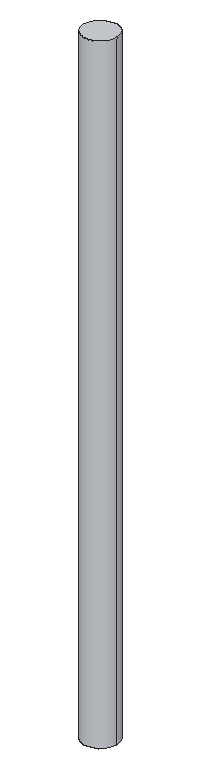
Revit family "Balaústre circular 1", category Balaústres, Revit 2019
Family settings
  Número OmniClass = 23.30.80.11.11.14
  Título OmniClass = Posts, Newel Posts, Pickets
  ID de item do Seek = Post - Round-0000-CAN-ENU
  Sempre na vertical = Sim
  Corte com vazios quando carregada = Não
  Compartilhado = Não
Parameters (values of type "45mm")
  built-in parameter 1008623 [instance] = (empty or 0)
  built-in parameter 1008625 [instance] = (empty or 0)
  Raio = Largura / 2  # 22.5 mm
  Material de poste = none
  Largura = 45 mm
  Post = no
  built-in parameter 1008624 [instance] = (empty or 0)
  built-in parameter 1008622 [instance] = 860 mm
Types (3, lengths in mm): name | Raio | Largura | built-in parameter 1008622
  (no name) | 22.5 | 45 | 860
  10mm | 5 | 10 | 690
  45mm | 22.5 | 45 | 860
Reference planes
  plane 1 "Centro (Frente/Trás)": y = 0
  plane 2: z = 0
  plane 3 "Centro (Esquerda/Direita)": x = 0
  plane 4 "Superior": z = 860
Forms (mm)
  Extrusion 1, solid, material <- "Material de poste"
    sketch origin (0, 0, 0) x (1, 0, 0) y (0, 1, 0)
      loop
        circle (0, 0) r 22.5
    from 0 to 860
Dimensions and locks
  "built-in parameter 1008622": plane 2 to plane 4 "Superior"
  "Raio": radius of Extrusion 1 sketch curve
  aligned and locked: Extrusion 1 to level
  aligned and locked: Extrusion 1 to plane 4 "Superior"
Automatic sketch dimensions
  Extrusion 1 sketch curve to plane 1 "Centro (Frente/Trás)" = 0 mm
  Extrusion 1 sketch curve to plane 3 "Centro (Esquerda/Direita)" = 0 mm
